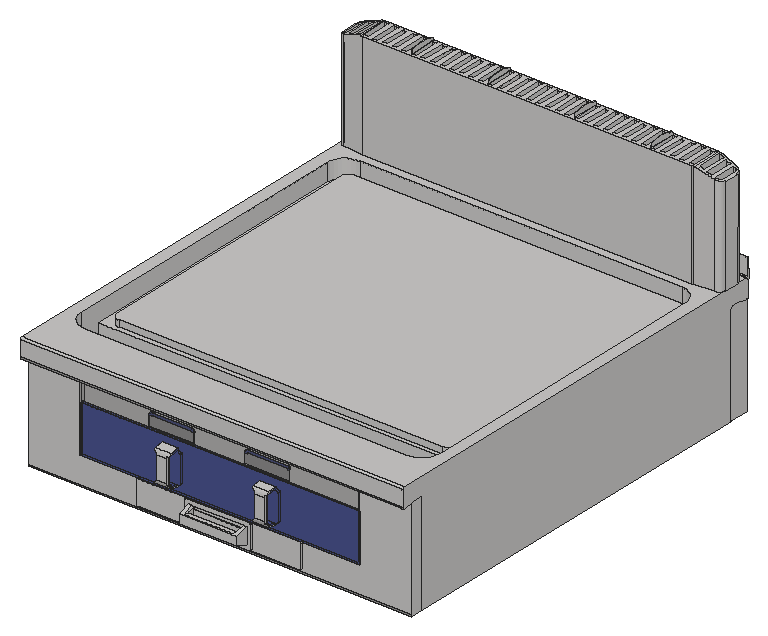
Revit family "QF_ELECTROLUXPROFESSIONAL_589095_MCHMABHOPO", category Specialty Equipment, Revit 2018 (continued)
Definition of nested family "GG_900_Backsplash for 800 fryer"
  Automatic sketch dimensions
    plane 1 "Center (Front/Back)" to Extrusion 33 sketch curve = 6.289 mm  (x2)
    Extrusion 33 sketch curve to plane 5 = 56.541 mm  (x2)
    Extrusion 33 sketch curve to plane 5 = 13.621 mm
    Extrusion 33 sketch curve to plane 6 = 2.907 mm  (x2)
    Extrusion 33 sketch curve to Extrusion 33 sketch curve = 0 mm
    Extrusion 33 sketch curve to Extrusion 33 sketch curve = 1.024 mm  (x2)
    plane 1 "Center (Front/Back)" to Extrusion 33 sketch curve = 10.134 mm
    Extrusion 33 sketch curve to plane 5 = 1.875 mm  (x2)
    plane 5 to Extrusion 33 sketch curve = 8.125 mm  (x2)
    plane 6 to Extrusion 33 sketch curve = 2.907 mm  (x2)
    plane 6 to Extrusion 33 sketch curve = 15.407 mm
    Extrusion 33 sketch curve to Extrusion 33 sketch curve = 12.5 mm
    plane 6 to Extrusion 33 sketch curve = 31.704 mm  (x2)
    Extrusion 33 sketch curve to Extrusion 33 sketch curve = 7.384 mm
    Extrusion 33 sketch curve to Extrusion 33 sketch curve = 11.228 mm
    Extrusion 33 sketch curve to plane 6 = 15.407 mm
    plane 6 to Extrusion 39 sketch curve = 26.484 mm
    Extrusion 39 sketch curve to Extrusion 39 sketch curve = 3.168 mm
    Extrusion 39 sketch curve to Extrusion 39 sketch curve = 0.003 mm
    Extrusion 39 sketch curve to Extrusion 39 sketch curve = 0.832 mm
    Extrusion 39 sketch curve to Extrusion 39 sketch curve = 11.257 mm
    Extrusion 39 sketch curve to Extrusion 39 sketch curve = 0 mm  (x2)
    Extrusion 39 sketch curve to plane 6 = 0.419 mm
    Extrusion 39 sketch curve to plane 6 = 12.894 mm
    Extrusion 39 sketch curve to Extrusion 39 sketch curve = 10.482 mm
    Extrusion 39 sketch curve to Extrusion 39 sketch curve = 0.775 mm
    Extrusion 39 sketch curve to Extrusion 39 sketch curve = 0.056 mm
    Extrusion 39 sketch curve to Extrusion 39 sketch curve = 4 mm
    level to Extrusion 39 sketch curve = 1058.216 mm
    Extrusion 39 sketch curve to Extrusion 39 sketch curve = 49.354 mm
    Extrusion 39 sketch curve to Extrusion 39 sketch curve = 3.029 mm  (x2)
    Extrusion 39 sketch curve to Extrusion 39 sketch curve = 0.001 mm  (x4)
    Extrusion 39 sketch curve to Extrusion 39 sketch curve = 2.392 mm
    Extrusion 40 sketch curve to Extrusion 40 sketch curve = 0 mm  (x3)
    plane 4 to Extrusion 40 sketch curve = 152.48 mm
    Extrusion 40 sketch curve to Extrusion 40 sketch curve = 1 mm  (x2)
    Extrusion 40 sketch curve to Extrusion 40 sketch curve = 0.732 mm
    level to Extrusion 40 sketch curve = 1106.571 mm
    plane 6 to Extrusion 41 sketch curve = 26.484 mm
    Extrusion 41 sketch curve to Extrusion 41 sketch curve = 3.168 mm
    Extrusion 41 sketch curve to Extrusion 41 sketch curve = 0.003 mm
    Extrusion 41 sketch curve to Extrusion 41 sketch curve = 0.832 mm
    Extrusion 41 sketch curve to Extrusion 41 sketch curve = 11.257 mm
    Extrusion 41 sketch curve to Extrusion 41 sketch curve = 0 mm  (x2)
    Extrusion 41 sketch curve to plane 6 = 0.419 mm
    Extrusion 41 sketch curve to plane 6 = 12.894 mm
    Extrusion 41 sketch curve to Extrusion 41 sketch curve = 10.482 mm
    Extrusion 41 sketch curve to Extrusion 41 sketch curve = 0.775 mm
    Extrusion 41 sketch curve to Extrusion 41 sketch curve = 0.056 mm
    Extrusion 41 sketch curve to Extrusion 41 sketch curve = 4 mm
    level to Extrusion 41 sketch curve = 1058.216 mm
    Extrusion 41 sketch curve to Extrusion 41 sketch curve = 49.354 mm
    Extrusion 41 sketch curve to Extrusion 41 sketch curve = 3.029 mm  (x2)
    Extrusion 41 sketch curve to Extrusion 41 sketch curve = 0.001 mm  (x4)
    Extrusion 41 sketch curve to Extrusion 41 sketch curve = 2.392 mm
    Extrusion 42 sketch curve to Extrusion 42 sketch curve = 0 mm  (x3)
    Extrusion 42 sketch curve to plane 3 "Center (Left/Right)" = 87.373 mm
    Extrusion 42 sketch curve to Extrusion 42 sketch curve = 1 mm  (x2)
    Extrusion 42 sketch curve to Extrusion 42 sketch curve = 0.732 mm
    level to Extrusion 42 sketch curve = 1106.571 mm
    plane 6 to Extrusion 43 sketch curve = 26.484 mm
    Extrusion 43 sketch curve to Extrusion 43 sketch curve = 3.168 mm
    Extrusion 43 sketch curve to Extrusion 43 sketch curve = 0.003 mm
    Extrusion 43 sketch curve to Extrusion 43 sketch curve = 0.832 mm
    Extrusion 43 sketch curve to Extrusion 43 sketch curve = 11.257 mm
    Extrusion 43 sketch curve to Extrusion 43 sketch curve = 0 mm  (x2)
    Extrusion 43 sketch curve to plane 6 = 0.419 mm
    Extrusion 43 sketch curve to plane 6 = 12.894 mm
    Extrusion 43 sketch curve to Extrusion 43 sketch curve = 10.482 mm
    Extrusion 43 sketch curve to Extrusion 43 sketch curve = 0.775 mm
    Extrusion 43 sketch curve to Extrusion 43 sketch curve = 0.056 mm
    Extrusion 43 sketch curve to Extrusion 43 sketch curve = 4 mm
    level to Extrusion 43 sketch curve = 1058.216 mm
    Extrusion 43 sketch curve to Extrusion 43 sketch curve = 49.354 mm
    Extrusion 43 sketch curve to Extrusion 43 sketch curve = 3.029 mm  (x2)
    Extrusion 43 sketch curve to Extrusion 43 sketch curve = 0.001 mm  (x4)
    Extrusion 43 sketch curve to Extrusion 43 sketch curve = 2.392 mm
    Extrusion 44 sketch curve to Extrusion 44 sketch curve = 0 mm  (x3)
    Extrusion 44 sketch curve to plane 5 = 145 mm
    Extrusion 44 sketch curve to Extrusion 44 sketch curve = 1 mm  (x2)
    Extrusion 44 sketch curve to Extrusion 44 sketch curve = 0.732 mm
    level to Extrusion 44 sketch curve = 1107.571 mm
    plane 6 to Extrusion 45 sketch curve = 26.484 mm
    Extrusion 45 sketch curve to Extrusion 45 sketch curve = 3.168 mm
    Extrusion 45 sketch curve to Extrusion 45 sketch curve = 0.003 mm
    Extrusion 45 sketch curve to Extrusion 45 sketch curve = 0.832 mm
    Extrusion 45 sketch curve to Extrusion 45 sketch curve = 11.257 mm
    Extrusion 45 sketch curve to Extrusion 45 sketch curve = 0 mm  (x2)
    Extrusion 45 sketch curve to plane 6 = 0.419 mm
    Extrusion 45 sketch curve to plane 6 = 12.894 mm
    Extrusion 45 sketch curve to Extrusion 45 sketch curve = 10.482 mm
    Extrusion 45 sketch curve to Extrusion 45 sketch curve = 0.775 mm
    Extrusion 45 sketch curve to Extrusion 45 sketch curve = 0.056 mm
    Extrusion 45 sketch curve to Extrusion 45 sketch curve = 4 mm
    level to Extrusion 45 sketch curve = 1058.216 mm
    Extrusion 45 sketch curve to Extrusion 45 sketch curve = 49.354 mm
    Extrusion 45 sketch curve to Extrusion 45 sketch curve = 3.029 mm  (x2)
    Extrusion 45 sketch curve to Extrusion 45 sketch curve = 0.001 mm  (x4)
    Extrusion 45 sketch curve to Extrusion 45 sketch curve = 2.392 mm
    Extrusion 46 sketch curve to Extrusion 46 sketch curve = 0 mm  (x3)
    plane 3 "Center (Left/Right)" to Extrusion 46 sketch curve = 94.792 mm
    Extrusion 46 sketch curve to Extrusion 46 sketch curve = 1 mm  (x2)
    Extrusion 46 sketch curve to Extrusion 46 sketch curve = 0.732 mm
    level to Extrusion 46 sketch curve = 1107.571 mm
    curve 15 to plane 5 = 0 mm
    plane 6 to curve 6 = 32.954 mm
    curve 17 to plane 4 = 0 mm
    plane 4 to curve 16 = 0.886 mm
    plane 4 to curve 2 = 11.608 mm
    plane 4 to curve 7 = 11.608 mm
    curve 5 to curve 6 = 58.231 mm
    plane 1 "Center (Front/Back)" to curve 1 = 5.039 mm
    curve 3 to curve 1 = 58.231 mm
    curve 8 to plane 5 = 70.951 mm
    curve 1 to curve 6 = 0 mm
    curve 12 to plane 5 = 12.72 mm
    curve 8 to plane 5 = 12.72 mm
    curve 15 to plane 5 = 1.998 mm
    curve 14 to curve 9 = 1.998 mm
    plane 4 to curve 17 = 0.886 mm
    curve 3 to curve 3 = 11.746 mm
    curve 5 to curve 5 = 11.746 mm
    curve 11 to curve 11 = 11.746 mm
    curve 10 to curve 10 = 11.746 mm
    plane 6 to curve 7 = 27.86 mm
    plane 6 to curve 8 = 27.86 mm
    plane 6 to curve 15 = 15.407 mm
    curve 14 to plane 6 = 15.407 mm
    curve 4 to plane 6 = 15.407 mm
    plane 1 "Center (Front/Back)" to curve 2 = 10.134 mm
    plane 1 "Center (Front/Back)" to curve 12 = 10.134 mm
    plane 6 to curve 17 = 15.407 mm
